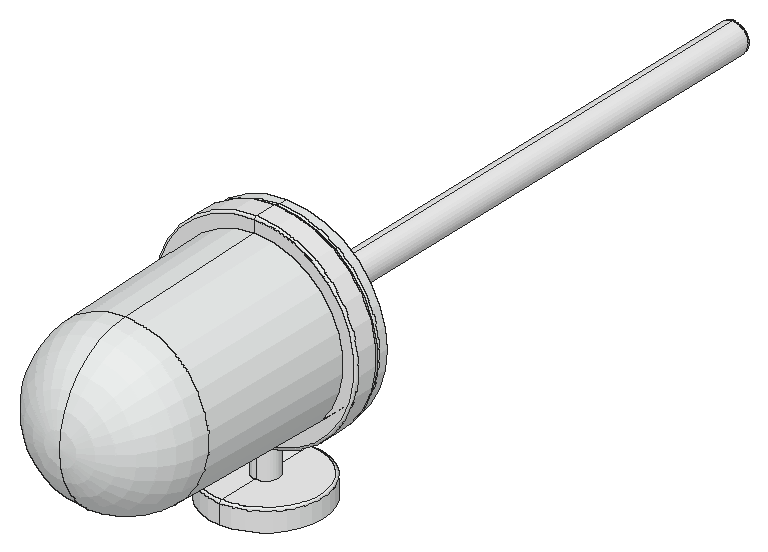
Revit family "Grohe_PlumbingFixture_Essentials_ToiletBrushSet_40374001a", category Plumbing Fixtures, host Face, Revit 2018
Family settings
  Host = Face
  Round Connector Dimension = Use Diameter
  Part Type = Normal
  OmniClass Number = 23.65.00.00
  OmniClass Title = Supply and Distribution of Liquids and Gases
  Cut with Voids When Loaded = No
  Shared = No
  Room Calculation Point = No
Parameters (values of type "40374001")
  _ObjectUserGuide = "www.bimstore.co"
  _DistributedBy = "www.bimstore.co"
  _CurrentRevision = 1
  _CreatedBy = "www.bimstore.co"
  _BimSpecGuid = 0
  _BSBibleVersion = 16
  _AuthorizedBy = "bimstore"
  _Author = "RL"
  WarrantyStartDate [instance] = "Please record on commissioning."
  WarrantyGuarantorParts = "info-uk@grohe.com"
  WarrantyGuarantorLabor = "info-uk@grohe.com"
  WarrantyDurationUnit = "Years"
  WarrantyDurationParts = "0"
  WarrantyDurationLabor = "0"
  WarrantyDescription = "n/a"
  URL = "www.grohe.com"
  TypeName = "ESSENTIALS - TOILET BRUSH SET"
  Type Comments = "TOILET BRUSH SET"
  SpareParts = "info-uk@grohe.com"
  Size = "n/a"
  Shape = "n/a"
  SerialNumber [instance] = "Please record on commissioning."
  ReplacementCost = "n/a"
  ReferencedStandard = "n/a"
  ProductionYear = "2020"
  ProductPageURL = "https://www.grohe.co.uk/en_gb/essentials-toilet-brush-set-40374001.html"
  ProductDocumentationLink = "n/a"
  PercentageOfRecycledContent = "n/a"
  NominalLength = 0 mm
  NominalHeight = 0 mm
  NominalDepth = 0 mm
  NBSReference = "45-35-72/364"
  NBSOfficeMasterTag = "n/a"
  NBSObjectName = "Grohe - Toilet brush holders"
  NBSNote = ""
  NBSDescription = "Toilet brush holders"
  ModelReference = "ESSENTIALS - TOILET BRUSH SET"
  ModelNumber = "40374001"
  Model = "ESSENTIALS"
  Material = "n/a"
  MasterformatTitle = "Sanitary Facilities"
  MasterformatNumber = "01 52 19"
  ManufacturerName = "Grohe"
  Manufacturer = "Grohe"
  LowEmittingMaterial = no
  LEEDCredit = "n/a"
  Keynote = "N13"
  InstallationDate [instance] = "Please record on commissioning."
  IndustryStandards = "n/a"
  IfcExportType = "IfcPipeFittingType"
  IfcExportAs = "IfcPipeFitting"
  HotWaterConnectionDiameter = 10 mm
  HWFU = 0
  Grade = "n/a"
  Finish = "n/a"
  Features = "material: glass / metal \r\nwall mounted \r\nconcealed fastening \r\nGROHE StarLight chrome finish \r\nsuitable for screwing (including screws and dowels) or gluing (glue 40 915 000 sold separately)"
  FaucetMaterial = Grohe-Chrome
  ExpectedLife = 0
  Ecojoy = no
  DurationUnit = "Years"
  DocumentationTechnical = "www.grohe.co.uk/"
  DocumentationMaintenance = "www.grohe.co.uk/"
  DocumentationLiterature = "www.grohe.co.uk/"
  DocumentationInstallationGuide = "www.grohe.co.uk/"
  DocumentationCertificates = "www.grohe.co.uk/"
  Description = "To boost bathroom cleanliness add the beautifully made GROHE Essentials toilet brush set! It has a durable, easy-care GROHE StarLight chrome finish that will sparkle for years and is very easy to fit – just follow the clear step-by-step instructions. And to a new level of bathroom luxury don’t forget to check out other products in the comprehensive collection such as the robe hook, toilet paper holder and numerous towel rails and bath grips. Or for added ease and convenience, why not try one of our matching all-in-one sets? GROHE Essentials accessories – precision craftsmanship, highest quality materials and design that lasts. The perfect finishing touch for family friendly bathrooms of all designs!"
  Default Elevation = 0 mm
  CreatedOn = "2020-03-01T09:00:00"
  CreatedBy = "info-uk@grohe.com"
  Cost = 0
  ContactGrohe = "info-uk@grohe.com"
  Constituents = "n/a"
  Color = "Chrome"
  ColdWaterConnectionDiameter = 10 mm
  CodePerformance = "n/a"
  ClassificationValue = "Pr_40_20_76_86"
  ClassificationName = "Uniclass 2015"
  CWFU = 0
  BarCode [instance] = "Please record on commissioning."
  BIMObjectName = "Grohe_PlumbingFixture_Essentials_ToiletBrushSet_40374001"
  AssetType = "Fixed"
  AssetIdentifier [instance] = "Please record on commissioning."
  Assembly Code = "D2010"
  AccessibilityPerformance = "n/a"
  ADACompliant = no
Reference planes
  plane 1 "Center (Front/Back)": y = 0
  plane 2: z = 0
  plane 3 "Center (Left/Right)": x = 0
Forms (mm)
  Revolve 1, solid, material "Grohe-Chrome" <- "FaucetMaterial"
    sketch origin (0, 0, 0) x (0, 1, 0) y (0, 0, 1)
      loop
        line (26, 10) -> (6, 10) -> (6, 73) -> (0, 73) -> (0, 0) -> (27, 0) -> (27, 9)
        arc (27, 9) -> (26.707, 9.707) -> (26, 10) r 1
      axis (0, 0) -> (0, 73)
    angle from 0 to 360
  Revolve 2, solid, material "Grohe-Chrome" <- "FaucetMaterial"
    sketch origin (0, 0, 0) x (0, 1, 0) y (0, 0, 1)
      loop
        line (276.592, 73) -> (-6.25, 73) -> (-6.25, 26)
        arc (-6.25, 26) -> (-5.957, 25.293) -> (-5.25, 25) r 1
        line (-5.25, 25) -> (5.25, 25)
        arc (5.25, 25) -> (5.957, 25.293) -> (6.25, 26) r 1
        line (6.25, 26) -> (6.25, 66) -> (275.592, 66)
        arc (275.592, 66) -> (276.299, 66.293) -> (276.592, 67) r 1
        line (276.592, 67) -> (276.592, 73)
      axis (276.592, 73) -> (-6.25, 73)
    angle from 0 to 360
  Revolve 3, solid, material "Glass - Clear - 100 Reflectance"
    sketch origin (0, 0, 0) x (0, 1, 0) y (0, 0, 1)
      loop
        line (13.5, 73) -> (-121.5, 73)
        arc (-121.5, 73) -> (-110.24, 45.382) -> (-82.88, 33.51) r 39.5
        line (-82.88, 33.51) -> (7.3, 31.5) -> (7.3, 27)
        arc (7.3, 27) -> (7.593, 26.293) -> (8.3, 26) r 1
        line (8.3, 26) -> (12.5, 26) -> (13.5, 27.2) -> (13.5, 73)
      axis (13.5, 73) -> (-121.5, 73)
    angle from 0 to 360
Cuts and joins
  joined: Revolve 1, Revolve 2
Dimensions and locks
  aligned and locked: plane 2 to host face
  aligned and locked: level to host face
